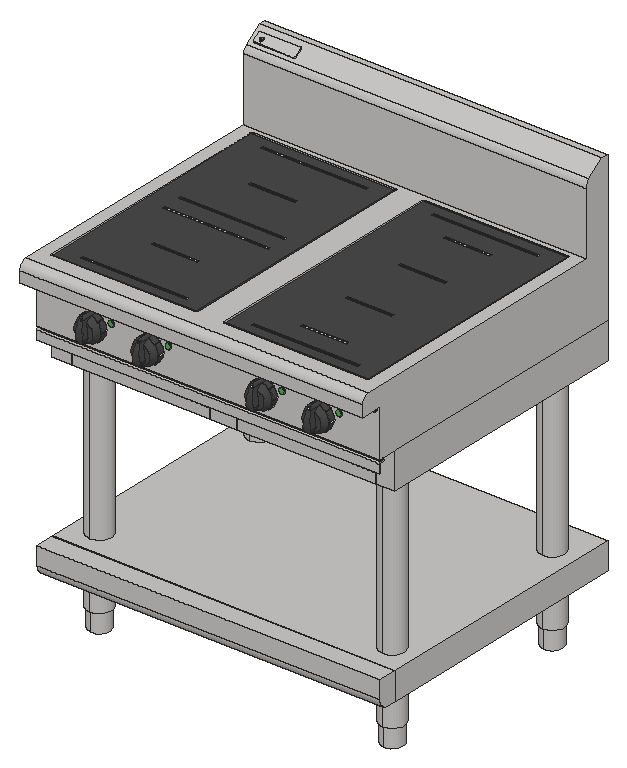
Revit family "QF_Moffat_IN8400R5F-LS_Induction Cooktop_cat", category Specialty Equipment, Revit 2019
Family settings
  Round Connector Dimension = Use Diameter
  Part Type = Normal
  Work Plane-Based = No
  Always vertical = Yes
  Cut with Voids When Loaded = No
  Shared = No
  Room Calculation Point = No
Parameters (values of type "INB8400R5F-LS_415/60/3")
  Weight in Kilograms = 105
  Watts = 20000 W
  Volts = 415 V
  URL Cutsheet = ""
  Specification by User = ""
  Specification by Manufacturer = ""
  Show Logo [instance] = yes
  Serial Number = ""
  Seismic Rating = ""
  SMACNA No = ""
  Revision Code = ""
  Phase = 3
  Number of Poles = 1
  NAFEM Spec ID Number = ""
  Model = "IN8400R5F-LS"
  Min Ckt Ampacity = 0 A
  Max Overcurrent Protection = 0 A
  Masterspec = ""
  Manufacturer = "Moffat"
  Length = 900 mm
  Item Number = ""
  Installed By = ""
  Identify Quantity as Lot = yes
  Height = 1130 mm
  HP = ""
  Furnished By = ""
  Foodservice Equipment Identifier = yes
  FL Amps = 28 A
  Electrical Remarks = ""
  Electric Connection Type = ""
  Elec Conn RI Height = 0 mm
  Elec Conn Connection Height = 0 mm
  Description = "Induction Cooktop"
  Depth = 805 mm
  Cycle = 60 Hz
  Conn Plug = ""
  Conn Conduit = yes
  CSI MasterFormat = ""
  Apparent Power = if(Phase = 3, Volts * FL Amps * 1.73, Volts * FL Amps)  # 20102.6 VA
Reference planes
  plane 1 "BACK": y = 0
  plane 2: z = 0
  plane 3 "LEFT": x = 0
  plane 4 "RIGHT": x = 900
  plane 5 "FRONT": y = -805
  plane 6 "TOP": z = 1130
  plane 7 "Center Y": x = 450
  plane 8 "Center X": y = -402.5
  plane 9: x = 65.5
  plane 10: x = 834.5
  plane 11: y = -30
  plane 12: z = 150
  plane 13: y = -100
  plane 14: y = -625
  plane 15: y = -70
  plane 16: z = 915
  plane 17: x = 770
Forms (mm)
  Extrusion 1, solid, material "QF_Metal_Stainless_Polished"
    sketch origin (0, 0, 560) x (0, 1, 0) y (0, 0, 1)
      loop
        line (0, 180) -> (0, 570) -> (-18.182, 570) -> (-60.863, 538.99)
        arc (-60.863, 538.99) -> (-67.584, 531.121) -> (-70, 521.058) r 22.165
        line (-70, 521.058) -> (-70, 355) -> (-784.417, 355)
        arc (-784.417, 355) -> (-798.971, 348.971) -> (-805, 334.417) r 20.583
        line (-805, 334.417) -> (-805, 305) -> (-749, 305) -> (-749, 180) -> (0, 180)
    from 0 to 900
  Extrusion 2, void
    sketch origin (0, -784.171, 915) x (0, 1, 0) y (-1, 0, 0)
      loop
        arc (699.341, -37.323) -> (697.584, -33.08) -> (693.341, -31.323) r 6
        line (693.341, -31.323) -> (45.245, -31.323)
        arc (45.245, -31.323) -> (41.002, -33.08) -> (39.245, -37.323) r 6
        line (39.245, -37.323) -> (39.245, -410.105)
        arc (39.245, -410.105) -> (41.002, -414.347) -> (45.245, -416.105) r 6
        line (45.245, -416.105) -> (693.341, -416.105)
        arc (693.341, -416.105) -> (697.584, -414.347) -> (699.341, -410.105) r 6
        line (699.341, -410.105) -> (699.341, -37.323)
      loop
        line (699.341, -862.677) -> (699.341, -489.895)
        arc (699.341, -489.895) -> (697.584, -485.653) -> (693.341, -483.895) r 6
        line (693.341, -483.895) -> (45.245, -483.895)
        arc (45.245, -483.895) -> (41.002, -485.653) -> (39.245, -489.895) r 6
        line (39.245, -489.895) -> (39.245, -862.677)
        arc (39.245, -862.677) -> (41.002, -866.92) -> (45.245, -868.677) r 6
        line (45.245, -868.677) -> (693.341, -868.677)
        arc (693.341, -868.677) -> (697.584, -866.92) -> (699.341, -862.677) r 6
    from 0 to -9.5
  Extrusion 3, solid, material "QF_Plastic_Black_Smooth"
    sketch origin (0, -784.171, 915) x (0, 1, 0) y (-1, 0, 0)
      loop
        line (695.341, -410.105) -> (695.341, -37.323)
        arc (695.341, -37.323) -> (694.755, -35.908) -> (693.341, -35.323) r 2
        line (693.341, -35.323) -> (45.245, -35.323)
        arc (45.245, -35.323) -> (43.831, -35.908) -> (43.245, -37.323) r 2
        line (43.245, -37.323) -> (43.245, -410.105)
        arc (43.245, -410.105) -> (43.831, -411.519) -> (45.245, -412.105) r 2
        line (45.245, -412.105) -> (693.341, -412.105)
        arc (693.341, -412.105) -> (694.755, -411.519) -> (695.341, -410.105) r 2
      loop
        line (667.194, -86.598) -> (661.194, -86.598) -> (661.194, -363.75) -> (667.194, -363.75) -> (667.194, -86.598)
      loop
        line (526.611, -163.924) -> (526.611, -283.924) -> (532.611, -283.924) -> (532.611, -163.924) -> (526.611, -163.924)
      loop
        line (398.444, -86.598) -> (392.444, -86.598) -> (392.444, -363.75) -> (398.444, -363.75) -> (398.444, -86.598)
      loop
        line (345.944, -86.598) -> (339.944, -86.598) -> (339.944, -363.75) -> (345.944, -363.75) -> (345.944, -86.598)
      loop
        line (206.611, -163.924) -> (206.611, -283.924) -> (212.611, -283.924) -> (212.611, -163.924) -> (206.611, -163.924)
      loop
        line (77.194, -86.598) -> (71.194, -86.598) -> (71.194, -363.75) -> (77.194, -363.75) -> (77.194, -86.598)
      loop
        arc (695.341, -489.895) -> (694.755, -488.481) -> (693.341, -487.895) r 2
        line (693.341, -487.895) -> (45.245, -487.895)
        arc (45.245, -487.895) -> (43.831, -488.481) -> (43.245, -489.895) r 2
        line (43.245, -489.895) -> (43.245, -862.677)
        arc (43.245, -862.677) -> (43.831, -864.092) -> (45.245, -864.677) r 2
        line (45.245, -864.677) -> (693.341, -864.677)
        arc (693.341, -864.677) -> (694.755, -864.092) -> (695.341, -862.677) r 2
        line (695.341, -862.677) -> (695.341, -489.895)
      loop
        line (667.194, -813.402) -> (667.194, -536.25) -> (661.194, -536.25) -> (661.194, -813.402) -> (667.194, -813.402)
      loop
        line (601.611, -736.076) -> (607.611, -736.076) -> (607.611, -616.076) -> (601.611, -616.076) -> (601.611, -736.076)
      loop
        line (279.111, -736.076) -> (285.111, -736.076) -> (285.111, -616.076) -> (279.111, -616.076) -> (279.111, -736.076)
      loop
        line (77.194, -813.402) -> (77.194, -536.25) -> (71.194, -536.25) -> (71.194, -813.402) -> (77.194, -813.402)
      loop
        line (454.501, -736.076) -> (460.501, -736.076) -> (460.501, -616.076) -> (454.501, -616.076) -> (454.501, -736.076)
      loop
        line (131.211, -736.076) -> (137.211, -736.076) -> (137.211, -616.076) -> (131.211, -616.076) -> (131.211, -736.076)
    from 0 to -9.5
  Extrusion 4, solid, material "QF_Metal_Stainless_Polished"
    sketch origin (0, 0, 600) x (0, 1, 0) y (0, 0, 1)
      loop
        line (-739.467, 140) -> (-738.192, 134.838)
        arc (-738.192, 134.838) -> (-738.307, 134.302) -> (-738.799, 134.063) r 0.625
        line (-738.799, 134.063) -> (-746.111, 134.063)
        arc (-746.111, 134.063) -> (-748.011, 133.276) -> (-748.797, 131.377) r 2.686
        line (-748.797, 131.377) -> (-748.797, 107.627) -> (-747.197, 107.627) -> (-747.197, 131.242)
        arc (-747.197, 131.242) -> (-746.84, 132.105) -> (-745.976, 132.463) r 1.221
        line (-745.976, 132.463) -> (-738.755, 132.463)
        arc (-738.755, 132.463) -> (-737.028, 133.304) -> (-736.625, 135.182) r 2.194
        line (-736.625, 135.182) -> (-737.815, 140) -> (-739.467, 140)
    from 0 to 900
  Extrusion 5, solid, material "QF_Plastic_Black_Smooth"
    sketch origin (0, -749, 741.875) x (0, 0, 1) y (-1, 0, 0)
      loop
        circle (112.843, -13.157) r 5
      loop
        circle (112.843, -886.843) r 5
    from 0 to 1.6
  Extrusion 6, solid, material "QF_Metal_Stainless_Polished"
    sketch origin (450, -699, 645) x (0, 1, 0) y (1, 0, 0)
      loop
        circle (669, 320) r 6.35
    from 0 to 10
  Extrusion 7, solid, material "QF_Metal_Stainless_Polished"
    sketch origin (0, -699, 645) x (1, 0, 0) y (0, -1, 0)
      loop
        line (0, -699) -> (900, -699) -> (900, 0) -> (849.2, 0) -> (849.2, -25.4) -> (485.8, -25.4) -> (485.8, 0) -> (414.2, 0) -> (414.2, -25.4) -> (50.8, -25.4) -> (50.8, 0) -> (0, 0) -> (0, -699)
    from 0 to -95
  Extrusion 8, solid, material "QF_Metal_Stainless_Polished"
    sketch origin (50.8, -30, 645) x (0, 1, 0) y (0, 0, 1)
      loop
        line (-669, 0) -> (-643.6, 0) -> (-643.6, 26.45) -> (-669, 26.45) -> (-669, 0)
      loop
        line (-669, 32.45) -> (-643.6, 32.45) -> (-643.6, 66.4) -> (-669, 66.4) -> (-669, 32.45)
      loop
        line (-669, 67.4) -> (-643.6, 67.4) -> (-643.6, 95) -> (-669, 95) -> (-669, 67.4)
    from 0 to 363.4
  Extrusion 9, solid, material "QF_Metal_Stainless_Polished"
    sketch origin (900, 0, 560) x (-1, 0, 0) y (0, -1, 0)
      loop
        line (536.25, 122.976) -> (536.25, 116.976) -> (813.402, 116.976) -> (813.402, 122.976) -> (536.25, 122.976)
      loop
        line (736.076, 251.56) -> (736.076, 257.56) -> (616.076, 257.56) -> (616.076, 251.56) -> (736.076, 251.56)
      loop
        line (813.402, 385.726) -> (813.402, 391.726) -> (536.25, 391.726) -> (536.25, 385.726) -> (813.402, 385.726)
      loop
        line (813.402, 438.226) -> (813.402, 444.226) -> (536.25, 444.226) -> (536.25, 438.226) -> (813.402, 438.226)
      loop
        line (736.076, 571.56) -> (736.076, 577.56) -> (616.076, 577.56) -> (616.076, 571.56) -> (736.076, 571.56)
      loop
        line (536.25, 712.976) -> (536.25, 706.976) -> (813.402, 706.976) -> (813.402, 712.976) -> (536.25, 712.976)
      loop
        line (86.598, 712.976) -> (86.598, 706.976) -> (363.75, 706.976) -> (363.75, 712.976) -> (86.598, 712.976)
      loop
        line (163.924, 652.959) -> (163.924, 646.959) -> (283.924, 646.959) -> (283.924, 652.959) -> (163.924, 652.959)
      loop
        line (163.924, 505.06) -> (163.924, 499.06) -> (283.924, 499.06) -> (283.924, 505.06) -> (163.924, 505.06)
      loop
        line (163.924, 329.669) -> (163.924, 323.669) -> (283.924, 323.669) -> (283.924, 329.669) -> (163.924, 329.669)
      loop
        line (163.924, 182.56) -> (163.924, 176.56) -> (283.924, 176.56) -> (283.924, 182.56) -> (163.924, 182.56)
      loop
        line (86.598, 122.976) -> (86.598, 116.976) -> (363.75, 116.976) -> (363.75, 122.976) -> (86.598, 122.976)
    from 355 to 345.5
  Extrusion 10, solid, material "QF_Paint_Green"
    sketch origin (63.231, -748.999, 713.75) x (0, 0, 1) y (-1, 0, 0)
      loop
        circle (100.3, -282.5) r 7.15
    from 0 to 1.6
  Extrusion 11, solid, material "QF_Plastic_Black_Smooth"
    sketch origin (75, -748.999, 725.625) x (0, 0, 1) y (-1, 0, 0)
      loop
        circle (112.843, -225) r 5
    from 0 to 1.6
  Extrusion 12, solid, material "QF_Paint_Green"
    sketch origin (-86.769, -748.999, 713.75) x (0, 0, 1) y (-1, 0, 0)
      loop
        circle (100.3, -282.5) r 7.15
    from 0 to 1.6
  Extrusion 13, solid, material "QF_Plastic_Black_Smooth"
    sketch origin (-75, -748.999, 725.625) x (0, 0, 1) y (-1, 0, 0)
      loop
        circle (112.843, -225) r 5
    from 0 to 1.6
  Extrusion 14, solid, material "QF_Paint_Green"
    sketch origin (511.981, -748.999, 713.75) x (0, 0, 1) y (-1, 0, 0)
      loop
        circle (100.3, -282.5) r 7.15
    from 0 to 1.6
  Extrusion 15, solid, material "QF_Plastic_Black_Smooth"
    sketch origin (523.75, -748.999, 725.625) x (0, 0, 1) y (-1, 0, 0)
      loop
        circle (112.843, -225) r 5
    from 0 to 1.6
  Extrusion 16, solid, material "QF_Paint_Green"
    sketch origin (361.981, -748.999, 713.75) x (0, 0, 1) y (-1, 0, 0)
      loop
        circle (100.3, -282.5) r 7.15
    from 0 to 1.6
  Extrusion 17, solid, material "QF_Plastic_Black_Smooth"
    sketch origin (373.75, -748.999, 725.625) x (0, 0, 1) y (-1, 0, 0)
      loop
        circle (112.843, -225) r 5
    from 0 to 1.6
  Extrusion 18, solid, material "QF_Metal_Stainless_Polished"
    sketch origin (849.2, -30, 645) x (0, 1, 0) y (0, 0, -1)
      loop
        line (-669, 0) -> (-669, -26.45) -> (-643.6, -26.45) -> (-643.6, 0) -> (-669, 0)
      loop
        line (-669, -32.45) -> (-669, -66.4) -> (-643.6, -66.4) -> (-643.6, -32.45) -> (-669, -32.45)
      loop
        line (-669, -67.4) -> (-669, -95) -> (-643.6, -95) -> (-643.6, -67.4) -> (-669, -67.4)
    from 0 to 363.4
Cuts and joins
  Extrusion 2 cuts Extrusion 1
Lines and regions (mm)
  symbolic lines
    curve 1: line (0, 0, 0) -> (900, 0, 0)
    curve 2: line (0, -805, 0) -> (0, 0, 0)
    curve 3: line (900, -805, 0) -> (0, -805, 0)
    curve 4: line (900, 0, 0) -> (900, -805, 0)
    curve 5: line (0, -18.182, 0) -> (900, -18.182, 0)
    curve 6: line (0, -70, 0) -> (450, -70, 0)
    curve 7: line (37.323, -84.83, 0) -> (410.105, -84.83, 0)
    curve 8: arc (410.105, -84.83, 0) -> (414.347, -86.587, 0) -> (416.105, -90.83, 0) r 6
    curve 9: line (416.105, -90.83, 0) -> (416.105, -738.926, 0)
    curve 10: arc (416.105, -738.926, 0) -> (414.347, -743.168, 0) -> (410.105, -744.926, 0) r 6
    curve 11: line (410.105, -744.926, 0) -> (37.323, -744.926, 0)
    curve 12: arc (37.323, -744.926, 0) -> (33.08, -743.168, 0) -> (31.323, -738.926, 0) r 6
    curve 13: line (31.323, -738.926, 0) -> (31.323, -90.83, 0)
    curve 14: arc (31.323, -90.83, 0) -> (33.08, -86.587, 0) -> (37.323, -84.83, 0) r 6
    curve 15: line (410.105, -88.83, 0) -> (37.323, -88.83, 0)
    curve 16: arc (37.323, -88.83, 0) -> (35.908, -89.415, 0) -> (35.323, -90.83, 0) r 2
    curve 17: line (35.323, -90.83, 0) -> (35.323, -738.926, 0)
    curve 18: arc (35.323, -738.926, 0) -> (35.908, -740.34, 0) -> (37.323, -740.926, 0) r 2
    curve 19: line (37.323, -740.926, 0) -> (410.105, -740.926, 0)
    curve 20: arc (410.105, -740.926, 0) -> (411.519, -740.34, 0) -> (412.105, -738.926, 0) r 2
    curve 21: line (412.105, -738.926, 0) -> (412.105, -90.83, 0)
    curve 22: arc (412.105, -90.83, 0) -> (411.519, -89.415, 0) -> (410.105, -88.83, 0) r 2
    curve 23: line (416.105, -738.926, 0) -> (416.105, -90.83, 0)
    curve 24: line (412.105, -90.83, 0) -> (412.105, -738.926, 0)
    curve 25: line (862.677, -84.83, 0) -> (489.895, -84.83, 0)
    curve 26: arc (489.895, -84.83, 0) -> (485.653, -86.587, 0) -> (483.895, -90.83, 0) r 6
    curve 27: arc (483.895, -738.926, 0) -> (485.653, -743.168, 0) -> (489.895, -744.926, 0) r 6
    curve 28: line (489.895, -744.926, 0) -> (862.677, -744.926, 0)
    curve 29: arc (862.677, -744.926, 0) -> (866.92, -743.168, 0) -> (868.677, -738.926, 0) r 6
    curve 30: line (868.677, -738.926, 0) -> (868.677, -90.83, 0)
    curve 31: arc (868.677, -90.83, 0) -> (866.92, -86.587, 0) -> (862.677, -84.83, 0) r 6
    curve 32: line (489.895, -88.83, 0) -> (862.677, -88.83, 0)
    curve 33: arc (862.677, -88.83, 0) -> (864.092, -89.415, 0) -> (864.677, -90.83, 0) r 2
    curve 34: line (864.677, -90.83, 0) -> (864.677, -738.926, 0)
    curve 35: arc (864.677, -738.926, 0) -> (864.092, -740.34, 0) -> (862.677, -740.926, 0) r 2
    curve 36: line (862.677, -740.926, 0) -> (489.895, -740.926, 0)
    curve 37: arc (489.895, -740.926, 0) -> (488.481, -740.34, 0) -> (487.895, -738.926, 0) r 2
    curve 38: arc (487.895, -90.83, 0) -> (488.481, -89.415, 0) -> (489.895, -88.83, 0) r 2
    curve 39: line (487.895, -90.83, 0) -> (487.895, -738.926, 0)
    curve 40: arc (487.895, -738.926, 0) -> (488.481, -740.34, 0) -> (489.895, -740.926, 0) r 2
    curve 41: line (489.895, -740.926, 0) -> (862.677, -740.926, 0)
    curve 42: arc (862.677, -740.926, 0) -> (864.092, -740.34, 0) -> (864.677, -738.926, 0) r 2
    curve 43: line (864.677, -738.926, 0) -> (864.677, -90.83, 0)
    curve 44: arc (864.677, -90.83, 0) -> (864.092, -89.415, 0) -> (862.677, -88.83, 0) r 2
    curve 45: line (862.677, -88.83, 0) -> (489.895, -88.83, 0)
    curve 46: arc (489.895, -88.83, 0) -> (488.481, -89.415, 0) -> (487.895, -90.83, 0) r 2
    curve 47: line (483.895, -90.83, 0) -> (483.895, -738.926, 0)
    curve 48: arc (483.895, -738.926, 0) -> (485.653, -743.168, 0) -> (489.895, -744.926, 0) r 6
    curve 49: line (489.895, -744.926, 0) -> (862.677, -744.926, 0)
    curve 50: arc (862.677, -744.926, 0) -> (866.92, -743.168, 0) -> (868.677, -738.926, 0) r 6
    curve 51: line (868.677, -738.926, 0) -> (868.677, -90.83, 0)
    curve 52: arc (868.677, -90.83, 0) -> (866.92, -86.587, 0) -> (862.677, -84.83, 0) r 6
    curve 53: line (862.677, -84.83, 0) -> (489.895, -84.83, 0)
    curve 54: arc (489.895, -84.83, 0) -> (485.653, -86.587, 0) -> (483.895, -90.83, 0) r 6
    curve 55: line (86.598, -122.976, 0) -> (363.75, -122.976, 0)
    curve 56: line (363.75, -122.976, 0) -> (363.75, -116.976, 0)
    curve 57: line (363.75, -116.976, 0) -> (86.598, -116.976, 0)
    curve 58: line (86.598, -116.976, 0) -> (86.598, -122.976, 0)
    curve 59: line (283.924, -251.56, 0) -> (163.924, -251.56, 0)
    curve 60: line (163.924, -251.56, 0) -> (163.924, -257.56, 0)
    curve 61: line (163.924, -257.56, 0) -> (283.924, -257.56, 0)
    curve 62: line (283.924, -257.56, 0) -> (283.924, -251.56, 0)
    curve 63: line (536.25, -122.976, 0) -> (813.402, -122.976, 0)
    curve 64: line (813.402, -122.976, 0) -> (813.402, -116.976, 0)
    curve 65: line (813.402, -116.976, 0) -> (536.25, -116.976, 0)
    curve 66: line (536.25, -116.976, 0) -> (536.25, -122.976, 0)
    curve 67: line (736.076, -176.56, 0) -> (616.076, -176.56, 0)
    curve 68: line (616.076, -176.56, 0) -> (616.076, -182.56, 0)
    curve 69: line (616.076, -182.56, 0) -> (736.076, -182.56, 0)
    curve 70: line (736.076, -182.56, 0) -> (736.076, -176.56, 0)
    curve 71: line (736.076, -323.669, 0) -> (616.076, -323.669, 0)
    curve 72: line (616.076, -323.669, 0) -> (616.076, -329.669, 0)
    curve 73: line (616.076, -329.669, 0) -> (736.076, -329.669, 0)
    curve 74: line (736.076, -329.669, 0) -> (736.076, -323.669, 0)
    curve 75: line (736.076, -499.06, 0) -> (616.076, -499.06, 0)
    curve 76: line (616.076, -499.06, 0) -> (616.076, -505.06, 0)
    curve 77: line (616.076, -505.06, 0) -> (736.076, -505.06, 0)
    curve 78: line (736.076, -505.06, 0) -> (736.076, -499.06, 0)
    curve 79: line (736.076, -646.959, 0) -> (616.076, -646.959, 0)
    curve 80: line (616.076, -646.959, 0) -> (616.076, -652.959, 0)
    curve 81: line (616.076, -652.959, 0) -> (736.076, -652.959, 0)
    curve 82: line (736.076, -652.959, 0) -> (736.076, -646.959, 0)
    curve 83: line (813.402, -706.976, 0) -> (536.25, -706.976, 0)
    curve 84: line (536.25, -706.976, 0) -> (536.25, -712.976, 0)
    curve 85: line (536.25, -712.976, 0) -> (813.402, -712.976, 0)
    curve 86: line (813.402, -712.976, 0) -> (813.402, -706.976, 0)
    curve 87: line (86.598, -712.976, 0) -> (363.75, -712.976, 0)
    curve 88: line (363.75, -712.976, 0) -> (363.75, -706.976, 0)
    curve 89: line (363.75, -706.976, 0) -> (86.598, -706.976, 0)
    curve 90: line (86.598, -706.976, 0) -> (86.598, -712.976, 0)
    curve 91: line (283.924, -577.56, 0) -> (163.924, -577.56, 0)
    curve 92: line (163.924, -577.56, 0) -> (163.924, -571.56, 0)
    curve 93: line (163.924, -571.56, 0) -> (283.924, -571.56, 0)
    curve 94: line (283.924, -571.56, 0) -> (283.924, -577.56, 0)
    curve 95: line (86.598, -444.226, 0) -> (363.75, -444.226, 0)
    curve 96: line (363.75, -444.226, 0) -> (363.75, -438.226, 0)
    curve 97: line (363.75, -438.226, 0) -> (86.598, -438.226, 0)
    curve 98: line (86.598, -438.226, 0) -> (86.598, -444.226, 0)
    curve 99: line (86.598, -391.726, 0) -> (363.75, -391.726, 0)
    curve 100: line (363.75, -391.726, 0) -> (363.75, -385.726, 0)
    curve 101: line (363.75, -385.726, 0) -> (86.598, -385.726, 0)
    curve 102: line (86.598, -385.726, 0) -> (86.598, -391.726, 0)
    curve 103: line (0, 0, 560) -> (900, 0, 560)
    curve 104: line (0, -805, 560) -> (0, 0, 560)
    curve 105: line (900, -805, 560) -> (0, -805, 560)
    curve 106: line (900, 0, 560) -> (900, -805, 560)
    curve 107: line (0, -18.182, 560) -> (900, -18.182, 560)
    curve 108: line (0, -70, 560) -> (900, -70, 560)
    curve 109: line (416.105, -90.83, 560) -> (416.105, -738.926, 560)
    curve 110: line (412.105, -738.926, 560) -> (412.105, -90.83, 560)
    curve 111: line (416.105, -738.926, 560) -> (416.105, -90.83, 560)
    curve 112: line (412.105, -90.83, 560) -> (412.105, -738.926, 560)
    curve 113: line (862.677, -84.83, 560) -> (489.895, -84.83, 560)
    curve 114: arc (483.895, -738.926, 560) -> (485.653, -743.168, 560) -> (489.895, -744.926, 560) r 6
    curve 115: line (489.895, -744.926, 560) -> (862.677, -744.926, 560)
    curve 116: arc (862.677, -744.926, 560) -> (866.92, -743.168, 560) -> (868.677, -738.926, 560) r 6
    curve 117: arc (864.677, -738.926, 560) -> (864.092, -740.34, 560) -> (862.677, -740.926, 560) r 2
    curve 118: line (862.677, -740.926, 560) -> (489.895, -740.926, 560)
    curve 119: arc (489.895, -740.926, 560) -> (488.481, -740.34, 560) -> (487.895, -738.926, 560) r 2
    curve 120: arc (487.895, -738.926, 560) -> (488.481, -740.34, 560) -> (489.895, -740.926, 560) r 2
    curve 121: line (489.895, -740.926, 560) -> (862.677, -740.926, 560)
    curve 122: arc (862.677, -740.926, 560) -> (864.092, -740.34, 560) -> (864.677, -738.926, 560) r 2
    curve 123: arc (483.895, -738.926, 560) -> (485.653, -743.168, 560) -> (489.895, -744.926, 560) r 6
    curve 124: line (489.895, -744.926, 560) -> (862.677, -744.926, 560)
    curve 125: arc (862.677, -744.926, 560) -> (866.92, -743.168, 560) -> (868.677, -738.926, 560) r 6
    curve 126: line (86.598, -122.976, 560) -> (363.75, -122.976, 560)
    curve 127: line (363.75, -122.976, 560) -> (363.75, -116.976, 560)
    curve 128: line (363.75, -116.976, 560) -> (86.598, -116.976, 560)
    curve 129: line (86.598, -116.976, 560) -> (86.598, -122.976, 560)
    curve 130: line (283.924, -251.56, 560) -> (163.924, -251.56, 560)
    curve 131: line (163.924, -251.56, 560) -> (163.924, -257.56, 560)
    curve 132: line (163.924, -257.56, 560) -> (283.924, -257.56, 560)
    curve 133: line (283.924, -257.56, 560) -> (283.924, -251.56, 560)
    curve 134: line (536.25, -122.976, 560) -> (813.402, -122.976, 560)
    curve 135: line (813.402, -122.976, 560) -> (813.402, -116.976, 560)
    curve 136: line (813.402, -116.976, 560) -> (536.25, -116.976, 560)
    curve 137: line (536.25, -116.976, 560) -> (536.25, -122.976, 560)
    curve 138: line (736.076, -176.56, 560) -> (616.076, -176.56, 560)
    curve 139: line (616.076, -176.56, 560) -> (616.076, -182.56, 560)
    curve 140: line (616.076, -182.56, 560) -> (736.076, -182.56, 560)
    curve 141: line (736.076, -182.56, 560) -> (736.076, -176.56, 560)
    curve 142: line (736.076, -323.669, 560) -> (616.076, -323.669, 560)
    curve 143: line (616.076, -323.669, 560) -> (616.076, -329.669, 560)
    curve 144: line (616.076, -329.669, 560) -> (736.076, -329.669, 560)
    curve 145: line (736.076, -329.669, 560) -> (736.076, -323.669, 560)
    curve 146: line (736.076, -499.06, 560) -> (616.076, -499.06, 560)
    curve 147: line (616.076, -499.06, 560) -> (616.076, -505.06, 560)
    curve 148: line (616.076, -505.06, 560) -> (736.076, -505.06, 560)
    curve 149: line (736.076, -505.06, 560) -> (736.076, -499.06, 560)
    curve 150: line (736.076, -646.959, 560) -> (616.076, -646.959, 560)
    curve 151: line (616.076, -646.959, 560) -> (616.076, -652.959, 560)
    curve 152: line (616.076, -652.959, 560) -> (736.076, -652.959, 560)
    curve 153: line (736.076, -652.959, 560) -> (736.076, -646.959, 560)
    curve 154: line (813.402, -706.976, 560) -> (536.25, -706.976, 560)
    curve 155: line (536.25, -706.976, 560) -> (536.25, -712.976, 560)
    curve 156: line (536.25, -712.976, 560) -> (813.402, -712.976, 560)
    curve 157: line (813.402, -712.976, 560) -> (813.402, -706.976, 560)
    curve 158: line (86.598, -712.976, 560) -> (363.75, -712.976, 560)
    curve 159: line (363.75, -712.976, 560) -> (363.75, -706.976, 560)
    curve 160: line (363.75, -706.976, 560) -> (86.598, -706.976, 560)
    curve 161: line (86.598, -706.976, 560) -> (86.598, -712.976, 560)
    curve 162: line (283.924, -577.56, 560) -> (163.924, -577.56, 560)
    curve 163: line (163.924, -577.56, 560) -> (163.924, -571.56, 560)
    curve 164: line (163.924, -571.56, 560) -> (283.924, -571.56, 560)
    curve 165: line (283.924, -571.56, 560) -> (283.924, -577.56, 560)
    curve 166: line (86.598, -444.226, 560) -> (363.75, -444.226, 560)
    curve 167: line (363.75, -444.226, 560) -> (363.75, -438.226, 560)
    curve 168: line (363.75, -438.226, 560) -> (86.598, -438.226, 560)
    curve 169: line (86.598, -438.226, 560) -> (86.598, -444.226, 560)
    curve 170: line (86.598, -391.726, 560) -> (363.75, -391.726, 560)
    curve 171: line (363.75, -391.726, 560) -> (363.75, -385.726, 560)
    curve 172: line (363.75, -385.726, 560) -> (86.598, -385.726, 560)
    curve 173: line (86.598, -385.726, 560) -> (86.598, -391.726, 560)
Dimensions and locks
  equal spacing: plane 3 "LEFT", plane 7 "Center Y", plane 4 "RIGHT"
  "Length": plane 3 "LEFT" to plane 4 "RIGHT"
  equal spacing: plane 5 "FRONT", plane 8 "Center X", plane 1 "BACK"
  "Depth": plane 5 "FRONT" to plane 1 "BACK"
  "Height": plane 6 "TOP" to level
  plane 9 to plane 10 = 769 mm
  plane 4 "RIGHT" to plane 3 "LEFT" = 900 mm
  plane 6 "TOP" to plane 2 = 1130 mm
  plane 1 "BACK" to plane 11 = 30 mm
  plane 1 "BACK" to plane 13 to plane 14 = 100 mm, 525 mm
  plane 1 "BACK" to plane 15 = 70 mm
  plane 16 to level = 915 mm  (x2)
  level to plane 12 = 150 mm
  plane 12 to level = 150 mm
  plane 4 "RIGHT" to plane 17 = 130 mm
  plane 1 "BACK" to plane 5 "FRONT" = 805 mm
  locked: plane 10 to plane 4 "RIGHT" at 65.5
  aligned and locked: level to plane 2
  aligned and locked: plane 7 "Center Y" to nested 1
  aligned and locked: plane 8 "Center X" to nested 1
  aligned and locked: Extrusion 18 to Extrusion 7  (x2)
Automatic sketch dimensions
  curve 8 to curve 22 = 0 mm  (x2)
  curve 10 to curve 20 = 0 mm  (x2)
  curve 12 to curve 18 = 0 mm  (x2)
  curve 14 to curve 16 = 0 mm  (x2)
  curve 26 to curve 38 = 0 mm  (x2)
  curve 26 to curve 46 = 0 mm  (x2)
  curve 26 to curve 54 = 0 mm  (x2)
  curve 27 to curve 37 = 0 mm  (x2)
  curve 27 to curve 40 = 0 mm  (x2)
  curve 27 to curve 48 = 0 mm  (x2)
  curve 29 to curve 35 = 0 mm  (x2)
  curve 29 to curve 42 = 0 mm  (x2)
  curve 29 to curve 50 = 0 mm  (x2)
  curve 31 to curve 33 = 0 mm  (x2)
  curve 31 to curve 44 = 0 mm  (x2)
  curve 31 to curve 52 = 0 mm  (x2)
  curve 33 to curve 44 = 0 mm  (x2)
  curve 33 to curve 52 = 0 mm  (x2)
  curve 35 to curve 42 = 0 mm  (x2)
  curve 35 to curve 50 = 0 mm  (x2)
  curve 37 to curve 40 = 0 mm  (x2)
  curve 37 to curve 48 = 0 mm  (x2)
  curve 38 to curve 46 = 0 mm  (x2)
  curve 38 to curve 54 = 0 mm  (x2)
  curve 40 to curve 48 = 0 mm  (x2)
  curve 42 to curve 50 = 0 mm  (x2)
  curve 44 to curve 52 = 0 mm  (x2)
  curve 46 to curve 54 = 0 mm  (x2)
  plane 1 "BACK" to curve 1 = 0 mm
  curve 1 to plane 3 "LEFT" = 0 mm
  curve 6 to plane 7 "Center Y" = 0 mm
  curve 5 to plane 4 "RIGHT" = 0 mm
  plane 5 "FRONT" to curve 3 = 0 mm
  plane 15 to curve 6 = 0 mm
  plane 3 "LEFT" to curve 13 = 31.323 mm
  curve 13 to curve 17 = 4 mm
  curve 17 to curve 16 = 2 mm
  curve 17 to curve 18 = 2 mm
  curve 102 to plane 9 = 21.098 mm
  curve 57 to plane 9 = 21.098 mm
  curve 87 to plane 9 = 21.098 mm
  curve 95 to plane 9 = 21.098 mm
  curve 91 to plane 14 = 47.44 mm
  curve 91 to plane 9 = 98.424 mm
  curve 60 to plane 9 = 98.424 mm
  curve 60 to curve 61 = 120 mm
  curve 93 to plane 14 = 53.44 mm
  curve 92 to curve 93 = 120 mm
  curve 96 to plane 8 "Center X" = 41.726 mm
  curve 96 to plane 7 "Center Y" = 86.25 mm
  plane 8 "Center X" to curve 99 = 10.774 mm
  curve 99 to curve 96 = 0 mm
  plane 13 to curve 56 = 16.976 mm
  curve 56 to plane 7 "Center Y" = 86.25 mm
  curve 89 to plane 7 "Center Y" = 86.25 mm
  curve 8 to plane 13 = 9.17 mm
  curve 8 to plane 7 "Center Y" = 39.895 mm
  curve 10 to plane 7 "Center Y" = 39.895 mm
  curve 8 to curve 21 = 2 mm
  plane 7 "Center Y" to curve 47 = 33.895 mm
  curve 27 to curve 39 = 4 mm
  curve 38 to curve 46 = 2 mm
  curve 37 to curve 36 = 2 mm
  plane 13 to curve 66 = 22.976 mm
  curve 26 to curve 66 = 46.355 mm
  curve 27 to curve 85 = 46.355 mm
  curve 63 to curve 67 = 79.826 mm
  curve 77 to plane 17 = 153.924 mm
  plane 14 to curve 80 = 21.959 mm
  curve 83 to curve 80 = 79.826 mm
  plane 8 "Center X" to curve 73 = 72.831 mm
  curve 73 to curve 68 = 0 mm
  curve 77 to plane 17 = 33.924 mm
  curve 67 to plane 17 = 33.924 mm
  curve 71 to plane 17 = 33.924 mm
  curve 79 to plane 17 = 33.924 mm
  plane 10 to curve 63 = 21.098 mm
  plane 10 to curve 85 = 21.098 mm
  curve 42 to plane 10 = 28.177 mm
  curve 32 to plane 13 = 11.17 mm
  curve 32 to plane 10 = 28.177 mm
  curve 31 to curve 34 = 2 mm
  curve 49 to plane 5 "FRONT" = 60.074 mm
  curve 11 to plane 5 "FRONT" = 60.074 mm
  curve 27 to curve 84 = 25.949 mm
  curve 10 to curve 87 = 25.949 mm
  curve 85 to curve 83 = 6 mm
  curve 87 to curve 90 = 6 mm
  curve 81 to curve 79 = 6 mm
  curve 78 to plane 8 "Center X" = 102.56 mm
  curve 77 to curve 75 = 6 mm
  curve 95 to curve 98 = 6 mm
  curve 99 to curve 100 = 6 mm
  curve 73 to curve 74 = 6 mm
  plane 8 "Center X" to curve 62 = 144.94 mm
  curve 61 to curve 62 = 6 mm
  plane 13 to curve 70 = 82.56 mm
  curve 68 to curve 68 = 6 mm
  curve 58 to curve 57 = 6 mm
  curve 63 to curve 65 = 6 mm
  curve 5 to plane 11 = 11.818 mm
  Extrusion 1 sketch curve to plane 5 "FRONT" = 0 mm
  Extrusion 1 sketch curve to plane 16 = 0 mm
  Extrusion 1 sketch curve to plane 15 = 0 mm
  Extrusion 1 sketch curve to plane 6 "TOP" = 0 mm
  Extrusion 1 sketch curve to plane 1 "BACK" = 0 mm
  Extrusion 1 sketch curve to plane 5 "FRONT" = 20.583 mm
  Extrusion 1 sketch curve to plane 5 "FRONT" = 56 mm
  Extrusion 1 sketch curve to plane 15 = 9.137 mm
  plane 11 to Extrusion 1 sketch curve = 17.835 mm
  Extrusion 1 sketch curve to plane 11 = 11.818 mm
  Extrusion 1 sketch curve to Extrusion 1 sketch curve = 29.417 mm
  Extrusion 1 sketch curve to plane 16 = 175 mm
  Extrusion 1 sketch curve to plane 6 "TOP" = 48.942 mm
  Extrusion 2 sketch curve to Extrusion 1 = 39.492 mm  (x2)
  Extrusion 2 sketch curve to Extrusion 2 sketch curve = 6 mm  (x6)
  Extrusion 1 to Extrusion 2 sketch curve = 20.83 mm  (x4)
  Extrusion 1 to Extrusion 2 sketch curve = 31.323 mm
  Extrusion 2 sketch curve to Extrusion 2 sketch curve = 372.782 mm
  Extrusion 2 sketch curve to Extrusion 2 sketch curve = 67.791 mm
  Extrusion 1 to Extrusion 2 sketch curve = 37.323 mm
  Extrusion 3 sketch curve to Extrusion 1 = 43.492 mm  (x2)
  Extrusion 3 sketch curve to Extrusion 3 sketch curve = 2 mm  (x6)
  Extrusion 3 sketch curve to Extrusion 3 sketch curve = 25.949 mm  (x2)
  Extrusion 3 sketch curve to Extrusion 3 sketch curve = 6 mm  (x12)
  Extrusion 3 sketch curve to Extrusion 3 sketch curve = 54.017 mm
  Extrusion 3 sketch curve to Extrusion 3 sketch curve = 129.416 mm
  Extrusion 3 sketch curve to Extrusion 3 sketch curve = 141.899 mm
  Extrusion 3 sketch curve to Extrusion 3 sketch curve = 127.334 mm
  Extrusion 3 sketch curve to Extrusion 3 sketch curve = 46.5 mm
  Extrusion 3 sketch curve to Extrusion 3 sketch curve = 169.391 mm
  Extrusion 3 sketch curve to Extrusion 3 sketch curve = 128.166 mm
  Extrusion 1 to Extrusion 3 sketch curve = 112.56 mm
  Extrusion 1 to Extrusion 3 sketch curve = 52.976 mm  (x2)
  Extrusion 1 to Extrusion 3 sketch curve = 20.83 mm  (x4)
  Extrusion 1 to Extrusion 3 sketch curve = 35.323 mm
  Extrusion 3 sketch curve to Extrusion 3 sketch curve = 49.275 mm  (x2)
  Extrusion 3 sketch curve to Extrusion 3 sketch curve = 77.326 mm  (x2)
  Extrusion 1 to Extrusion 3 sketch curve = 163.924 mm
  Extrusion 3 sketch curve to Extrusion 3 sketch curve = 0 mm  (x3)
  Extrusion 3 sketch curve to Extrusion 3 sketch curve = 120 mm  (x6)
  Extrusion 3 sketch curve to Extrusion 3 sketch curve = 79.826 mm  (x4)
  Extrusion 3 sketch curve to Extrusion 3 sketch curve = 46.355 mm  (x3)
  Extrusion 3 sketch curve to Extrusion 3 sketch curve = 75.791 mm
  Extrusion 3 sketch curve to Extrusion 3 sketch curve = 252.326 mm
  Extrusion 1 to Extrusion 3 sketch curve = 86.598 mm  (x3)
  Extrusion 1 to Extrusion 3 sketch curve = 37.323 mm
  Extrusion 4 sketch curve to plane 5 "FRONT" = 56.203 mm
  Extrusion 4 sketch curve to Extrusion 4 sketch curve = 1.6 mm
  Extrusion 4 sketch curve to Extrusion 4 sketch curve = 1.086 mm
  Extrusion 4 sketch curve to Extrusion 4 sketch curve = 0.135 mm  (x2)
  Extrusion 4 sketch curve to Extrusion 4 sketch curve = 6.644 mm
  Extrusion 4 sketch curve to Extrusion 4 sketch curve = 0.668 mm
  Extrusion 4 sketch curve to Extrusion 4 sketch curve = 0.044 mm
  Extrusion 4 sketch curve to Extrusion 4 sketch curve = 0.563 mm
  Extrusion 4 sketch curve to Extrusion 4 sketch curve = 1.652 mm
  Extrusion 4 sketch curve to Extrusion 4 sketch curve = 1.567 mm
  Extrusion 4 sketch curve to plane 16 = 207.373 mm
  Extrusion 4 sketch curve to Extrusion 4 sketch curve = 23.614 mm
  Extrusion 4 sketch curve to Extrusion 4 sketch curve = 0.594 mm
  Extrusion 4 sketch curve to Extrusion 4 sketch curve = 0.032 mm
  Extrusion 4 sketch curve to Extrusion 4 sketch curve = 5.162 mm
  Extrusion 1 to Extrusion 5 sketch curve = 10.282 mm  (x2)
  Extrusion 1 to Extrusion 5 sketch curve = 13.157 mm  (x2)
  Extrusion 7 to Extrusion 6 sketch curve = 30 mm
  Extrusion 6 sketch curve to Extrusion 7 = 79.2 mm
  Extrusion 7 sketch curve to plane 3 "LEFT" = 0 mm
  Extrusion 7 sketch curve to plane 4 "RIGHT" = 0 mm
  plane 1 "BACK" to Extrusion 7 sketch curve = 0 mm
  plane 9 to Extrusion 7 sketch curve = 14.7 mm
  Extrusion 7 sketch curve to plane 7 "Center Y" = 35.8 mm
  plane 7 "Center Y" to Extrusion 7 sketch curve = 35.8 mm
  Extrusion 7 sketch curve to plane 10 = 14.7 mm
  plane 14 to Extrusion 7 sketch curve = 48.6 mm  (x2)
  Extrusion 7 sketch curve to Extrusion 7 sketch curve = 25.4 mm  (x3)
  Extrusion 8 sketch curve to Extrusion 7 = 0 mm  (x8)
  Extrusion 7 to Extrusion 8 sketch curve = 26.45 mm
  Extrusion 8 sketch curve to Extrusion 8 sketch curve = 6 mm
  Extrusion 7 to Extrusion 8 sketch curve = 28.6 mm
  Extrusion 8 sketch curve to Extrusion 8 sketch curve = 1 mm
  Extrusion 9 sketch curve to plane 10 = 21.098 mm  (x2)
  plane 17 to Extrusion 9 sketch curve = 33.924 mm  (x4)
  Extrusion 9 sketch curve to Extrusion 9 sketch curve = 120 mm  (x4)
  Extrusion 9 sketch curve to plane 14 = 21.959 mm
  Extrusion 9 sketch curve to plane 7 "Center Y" = 86.25 mm  (x2)
  Extrusion 9 sketch curve to plane 13 = 16.976 mm
  Extrusion 9 sketch curve to plane 13 = 22.976 mm
  plane 7 "Center Y" to Extrusion 9 sketch curve = 86.25 mm  (x3)
  Extrusion 9 sketch curve to plane 8 "Center X" = 10.774 mm
  Extrusion 9 sketch curve to Extrusion 9 sketch curve = 0 mm
  Extrusion 9 sketch curve to Extrusion 9 sketch curve = 79.826 mm  (x2)
  plane 14 to Extrusion 9 sketch curve = 53.44 mm
  plane 9 to Extrusion 9 sketch curve = 98.424 mm  (x2)
  plane 9 to Extrusion 9 sketch curve = 21.098 mm  (x4)
  Extrusion 9 sketch curve to Extrusion 9 sketch curve = 6 mm  (x12)
  Extrusion 9 sketch curve to plane 14 = 81.976 mm  (x2)
  plane 8 "Center X" to Extrusion 9 sketch curve = 102.56 mm
  plane 8 "Center X" to Extrusion 9 sketch curve = 41.726 mm
  Extrusion 9 sketch curve to plane 8 "Center X" = 72.831 mm
  Extrusion 9 sketch curve to plane 8 "Center X" = 144.94 mm
  Extrusion 9 sketch curve to plane 13 = 82.56 mm
  Extrusion 10 sketch curve to plane 16 = 100.95 mm
  Extrusion 10 sketch curve to plane 7 "Center Y" = 104.269 mm
  Extrusion 11 sketch curve to plane 16 = 76.532 mm
  Extrusion 11 sketch curve to plane 7 "Center Y" = 150 mm
  Extrusion 12 sketch curve to plane 16 = 100.95 mm
  Extrusion 12 sketch curve to plane 9 = 130.231 mm
  Extrusion 13 sketch curve to plane 16 = 76.532 mm
  Extrusion 13 sketch curve to plane 9 = 84.5 mm
  plane 17 to Extrusion 14 sketch curve = 24.481 mm
  Extrusion 14 sketch curve to plane 16 = 100.95 mm
  Extrusion 15 sketch curve to plane 17 = 21.25 mm
  Extrusion 15 sketch curve to plane 16 = 76.532 mm
  Extrusion 16 sketch curve to plane 16 = 100.95 mm
  Extrusion 16 sketch curve to plane 17 = 125.519 mm
  Extrusion 17 sketch curve to plane 16 = 76.532 mm
  plane 7 "Center Y" to Extrusion 17 sketch curve = 148.75 mm
  plane 14 to Extrusion 18 sketch curve = 74 mm
  Extrusion 18 sketch curve to Extrusion 18 sketch curve = 0 mm  (x4)
  Extrusion 18 sketch curve to Extrusion 18 sketch curve = 25.4 mm
  Extrusion 18 sketch curve to plane 16 = 175 mm
  Extrusion 18 sketch curve to Extrusion 18 sketch curve = 27.6 mm
  Extrusion 18 sketch curve to Extrusion 18 sketch curve = 1 mm
  Extrusion 18 sketch curve to Extrusion 18 sketch curve = 33.95 mm
  Extrusion 18 sketch curve to Extrusion 18 sketch curve = 6 mm
  Extrusion 18 sketch curve to Extrusion 18 sketch curve = 26.45 mm
  curve 114 to curve 119 = 0 mm
  curve 114 to curve 120 = 0 mm
  curve 116 to curve 117 = 0 mm  (x2)
  plane 1 "BACK" to curve 103 = 0 mm
  curve 103 to plane 3 "LEFT" = 0 mm
  curve 108 to plane 4 "RIGHT" = 0 mm
  plane 5 "FRONT" to curve 105 = 0 mm
  plane 15 to curve 108 = 0 mm
  curve 169 to plane 9 = 21.098 mm
  curve 173 to plane 9 = 21.098 mm
  curve 161 to plane 9 = 21.098 mm
  curve 129 to plane 9 = 21.098 mm
  curve 163 to plane 14 = 47.44 mm
  curve 163 to plane 9 = 98.424 mm
  curve 131 to plane 9 = 98.424 mm
  curve 130 to curve 130 = 120 mm
  curve 164 to plane 14 = 53.44 mm
  curve 163 to curve 164 = 120 mm
  plane 8 "Center X" to curve 171 = 10.774 mm
  curve 171 to plane 7 "Center Y" = 86.25 mm
  plane 13 to curve 127 = 22.976 mm
  curve 127 to plane 7 "Center Y" = 86.25 mm
  curve 160 to plane 7 "Center Y" = 86.25 mm
  curve 166 to curve 170 = 0 mm
  curve 112 to plane 7 "Center Y" = 37.895 mm
  curve 110 to curve 109 = 4 mm
  plane 7 "Center Y" to curve 121 = 39.895 mm
  plane 13 to curve 134 = 22.976 mm
  plane 7 "Center Y" to curve 134 = 86.25 mm
  curve 114 to curve 156 = 46.355 mm
  curve 142 to plane 17 = 153.924 mm
  curve 134 to curve 138 = 79.826 mm
  curve 146 to plane 17 = 153.924 mm
  plane 14 to curve 152 = 27.959 mm
  curve 154 to curve 152 = 79.826 mm
  curve 150 to plane 17 = 33.924 mm
  curve 149 to plane 17 = 33.924 mm
  curve 142 to plane 17 = 33.924 mm
  curve 141 to plane 17 = 33.924 mm
  plane 10 to curve 157 = 21.098 mm
  plane 10 to curve 136 = 21.098 mm
  curve 115 to plane 10 = 28.177 mm
  curve 115 to plane 5 "FRONT" = 60.074 mm
  curve 115 to curve 118 = 4 mm
  curve 118 to curve 122 = 2 mm
  curve 118 to curve 123 = 2 mm
  curve 111 to plane 5 "FRONT" = 66.074 mm
  curve 110 to curve 109 = 0 mm
  plane 14 to curve 161 = 87.976 mm
  curve 116 to curve 157 = 25.949 mm
  curve 156 to curve 154 = 6 mm
  curve 158 to curve 161 = 6 mm
  curve 152 to curve 153 = 6 mm
  curve 148 to plane 8 "Center X" = 102.56 mm
  curve 148 to curve 146 = 6 mm
  curve 169 to plane 8 "Center X" = 41.726 mm
  curve 166 to curve 169 = 6 mm
  curve 170 to curve 172 = 6 mm
  plane 8 "Center X" to curve 143 = 72.831 mm
  curve 143 to curve 143 = 6 mm
  plane 8 "Center X" to curve 131 = 144.94 mm
  curve 132 to curve 130 = 6 mm
  plane 13 to curve 139 = 82.56 mm
  curve 139 to curve 138 = 6 mm
  curve 126 to curve 128 = 6 mm
  curve 134 to curve 135 = 6 mm
  curve 110 to plane 13 = 9.17 mm
  curve 110 to curve 111 = 0 mm
  plane 15 to curve 113 = 14.83 mm
  plane 7 "Center Y" to curve 113 = 39.895 mm
  curve 113 to plane 10 = 28.177 mm
  curve 107 to plane 11 = 11.818 mm
  radius of Extrusion 5 sketch curve = 5 mm  (x2)
  radius of Extrusion 6 sketch curve = 6.35 mm
  radius of Extrusion 10 sketch curve = 7.15 mm
  radius of Extrusion 11 sketch curve = 5 mm
  radius of Extrusion 12 sketch curve = 7.15 mm
  radius of Extrusion 13 sketch curve = 5 mm
  radius of Extrusion 14 sketch curve = 7.15 mm
  radius of Extrusion 15 sketch curve = 5 mm
  radius of Extrusion 16 sketch curve = 7.15 mm
  radius of Extrusion 17 sketch curve = 5 mm
Nested families
  nested 1: "IN8400-LS_Leg Stand" at (0, 0, 0), type "IN511F-LS"
  nested 2: "QF_LOGO_Waldorf" at (12, -52.35, 1105.175), visible <- "Show Logo", type "QF_LOGO_Waldorf"
  nested 3: "Knob" at (267.5, -739.499, 760.75), type "Knob"
  nested 4: "Knob" at (117.5, -739.499, 760.75), type "Knob"
  nested 5: "Knob" at (716.25, -739.499, 760.75), type "Knob"
  nested 6: "Knob" at (566.25, -739.499, 760.75), type "Knob"
Connectors
  electrical at (770, -30, 635), driven by "Volts", driven by "Watts"
    settings: on Extrusion 6, index 5, voltage 415 V, apparent load 20000 VA, apparent load phase1 0 VA, apparent load phase2 0 VA, apparent load phase3 0 VA, power factor 1, load classification "Other", number of poles 1, system type 30, power factor state 1, is connector primary yes, connector utility no, sub classification motor no, connector description "ELEECTRICAL CONNECTION"
Definition of nested family "IN8400-LS_Leg Stand"
  Parameters (values of type "IN511F-LS")
    Model = ""
    Manufacturer = ""
    Description = ""
  Reference planes
    plane 1 "BACK": y = 0
    plane 2: z = 0
    plane 3 "LEFT": x = 0
    plane 4 "RIGHT": x = 900
    plane 5 "FRONT": y = -805
    plane 6 "TOP": z = 1130
    plane 7 "Center Y": x = 450
    plane 8 "Center X": y = -402.5
    plane 9: x = 65.5
    plane 10: x = 834.5
    plane 11: z = 635
    plane 12: y = -100
    plane 13: y = -625
    plane 14: z = 150
    plane 15: z = 645
  Forms (mm)
    Revolve 1, solid
      sketch origin (65.5, -4572, 255.2) x (0, 0, -1) y (0, -1, 0)
        loop
          line (255.2, -3974.5) -> (255.2, -3947) -> (-389.8, -3947) -> (-389.8, -3978.75) -> (205.2, -3978.75) -> (205.2, -3974.5) -> (255.2, -3974.5)
        axis (-389.8, -3947) -> (255.2, -3947)
      angle from 0 to 360
    Revolve 2, solid
      sketch origin (834.5, -4572, 255.2) x (0, 0, -1) y (0, 1, 0)
        loop
          line (255.2, 3974.5) -> (205.2, 3974.5) -> (205.2, 3978.75) -> (-389.8, 3978.75) -> (-389.8, 3947) -> (255.2, 3947) -> (255.2, 3974.5)
        axis (-389.8, 3947) -> (255.2, 3947)
      angle from 0 to 360
    Extrusion 3, solid
      sketch origin (0, 0, 0) x (0, 1, 0) y (0, 0, 1)
        loop
          line (-747.95, 222.5) -> (-747.95, 175)
          arc (-747.95, 175) -> (-740.628, 157.322) -> (-722.95, 150) r 25
          line (-722.95, 150) -> (-697.95, 150) -> (-697.95, 222.5) -> (-747.95, 222.5)
      from 0 to 900
    Extrusion 4, solid
      sketch origin (0, 0, 0) x (0, 1, 0) y (0, 0, 1)
        loop
          line (-697.95, 222.5) -> (-697.95, 150) -> (0, 150) -> (0, 222.5) -> (-697.95, 222.5)
      from 0 to 900
    Revolve 5, solid
      sketch origin (65.5, -4047, 255.2) x (0, 0, -1) y (0, -1, 0)
        loop
          line (255.2, -3974.5) -> (255.2, -3947) -> (-389.8, -3947) -> (-389.8, -3978.75) -> (205.2, -3978.75) -> (205.2, -3974.5) -> (255.2, -3974.5)
        axis (-389.8, -3947) -> (255.2, -3947)
      angle from 0 to 360
    Revolve 6, solid
      sketch origin (834.5, -4047, 255.2) x (0, 0, -1) y (0, 1, 0)
        loop
          line (255.2, 3974.5) -> (205.2, 3974.5) -> (205.2, 3978.75) -> (-389.8, 3978.75) -> (-389.8, 3947) -> (255.2, 3947) -> (255.2, 3974.5)
        axis (-389.8, 3947) -> (255.2, 3947)
      angle from 0 to 360
  Cuts and joins
    joined: Revolve 1, Revolve 2, Extrusion 4, Revolve 5, Revolve 6
  Dimensions and locks
    equal spacing: plane 3 "LEFT", plane 7 "Center Y", plane 4 "RIGHT"
    plane 3 "LEFT" to plane 4 "RIGHT" = 900 mm
    equal spacing: plane 5 "FRONT", plane 8 "Center X", plane 1 "BACK"
    plane 5 "FRONT" to plane 1 "BACK" = 805 mm
    plane 6 "TOP" to level = 1130 mm
    plane 9 to plane 10 = 769 mm
    plane 4 "RIGHT" to plane 3 "LEFT" = 900 mm
    plane 1 "BACK" to plane 5 "FRONT" = 805 mm
    plane 6 "TOP" to plane 2 = 1130 mm
    plane 1 "BACK" to plane 12 to plane 13 = 100 mm, 525 mm
    plane 2 to plane 11 = 635 mm
    plane 14 to plane 2 = 150 mm
    plane 10 to plane 4 "RIGHT" = 65.5 mm
    equal spacing: plane 4 "RIGHT", plane 7 "Center Y", plane 3 "LEFT"
    locked: plane 10 to plane 4 "RIGHT" at 65.5
    aligned and locked: level to plane 2
    aligned and locked: cut or joined group of Revolve 1, Revolve 2, Extrusion 4, Revolve 5, Revolve 6 to plane 15  (x2)
    aligned and locked: plane 15 to cut or joined group of Revolve 1, Revolve 2, Extrusion 4, Revolve 5, Revolve 6  (x2)
    aligned and locked: Extrusion 3 to plane 4 "RIGHT"
    aligned and locked: cut or joined group of Revolve 1, Revolve 2, Extrusion 4, Revolve 5, Revolve 6 to plane 4 "RIGHT"
    aligned and locked: plane 10 to cut or joined group of Revolve 1, Revolve 2, Extrusion 4, Revolve 5, Revolve 6  (x2)
  Automatic sketch dimensions
    Revolve 1 sketch curve to plane 13 = 0 mm  (x2)
    Revolve 1 sketch curve to level = 0 mm  (x2)
    level to Revolve 1 sketch curve = 50 mm
    Revolve 1 sketch curve to plane 11 = 10 mm
    Revolve 1 sketch curve to Revolve 1 sketch curve = 27.5 mm
    Revolve 1 sketch curve to Revolve 1 sketch curve = 31.75 mm
    Revolve 1 sketch curve to Revolve 1 sketch curve = 25 mm
    Revolve 2 sketch curve to plane 13 = 0 mm  (x2)
    Revolve 2 sketch curve to level = 0 mm  (x2)
    level to Revolve 2 sketch curve = 50 mm
    Revolve 2 sketch curve to plane 11 = 10 mm
    Revolve 2 sketch curve to plane 13 = 27.5 mm
    Revolve 2 sketch curve to Revolve 2 sketch curve = 4.25 mm
    Revolve 2 sketch curve to Revolve 2 sketch curve = 25 mm
    Extrusion 3 sketch curve to plane 14 = 0 mm
    Extrusion 3 sketch curve to plane 5 "FRONT" = 57.05 mm
    Extrusion 3 sketch curve to Extrusion 3 sketch curve = 25 mm  (x2)
    Extrusion 3 sketch curve to Extrusion 3 sketch curve = 47.5 mm
    Extrusion 4 sketch curve to plane 14 = 0 mm
    Extrusion 4 sketch curve to plane 1 "BACK" = 0 mm
    plane 13 to Extrusion 4 sketch curve = 72.95 mm
    Extrusion 4 sketch curve to Extrusion 4 sketch curve = 72.5 mm
    Revolve 5 sketch curve to plane 12 = 0 mm  (x2)
    Revolve 5 sketch curve to level = 0 mm  (x2)
    level to Revolve 5 sketch curve = 50 mm
    Revolve 5 sketch curve to plane 11 = 10 mm
    Revolve 5 sketch curve to Revolve 5 sketch curve = 27.5 mm
    Revolve 5 sketch curve to Revolve 5 sketch curve = 31.75 mm
    Revolve 5 sketch curve to Revolve 5 sketch curve = 25 mm
    Revolve 6 sketch curve to plane 12 = 0 mm  (x2)
    Revolve 6 sketch curve to level = 0 mm  (x2)
    level to Revolve 6 sketch curve = 50 mm
    Revolve 6 sketch curve to plane 11 = 10 mm
    Revolve 6 sketch curve to plane 12 = 27.5 mm
    Revolve 6 sketch curve to Revolve 6 sketch curve = 4.25 mm
    Revolve 6 sketch curve to Revolve 6 sketch curve = 25 mm
Definition of nested family "QF_LOGO_Waldorf"
  Parameters (values of type "QF_LOGO_Waldorf")
    Weight in Pounds = 0
    URL Cutsheet = ""
    Specification by User = ""
    Specification by Manufacturer = ""
    Serial Number = ""
    Seismic Rating = ""
    SMACNA No = ""
    Revision Code = ""
    NAFEM Spec ID Number = ""
    Masterspec = ""
    Length = 138 mm
    Item Number = ""
    Installed By = ""
    Identify Quantity as Lot = yes
    Height = 26.711 mm
    Furnished By = ""
    Foodservice Equipment Identifier = yes
    Depth = 3.175 mm
    CSI MasterFormat = ""
  Reference planes
    plane 1 "BACK": y = 0
    plane 2: z = 0
    plane 3 "LEFT": x = 0
    plane 4 "RIGHT": x = 138
    plane 5 "FRONT": y = -3.175
    plane 6 "TOP": z = 26.711
    plane 7 "Center Y": x = 69
    plane 8 "Center X": y = -1.587
  Forms (mm)
    Extrusion 1, solid
      sketch origin (0, 0, 0) x (1, 0, 0) y (0, 0.809017, 0.587785)
        loop
          line (109, 3.464) -> (109, 23.247)
          spline (109, 23.247) -> (108.966, 23.699) -> (108.864, 24.143) -> (108.696, 24.572) -> (108.464, 24.979) -> (108.173, 25.355) -> (107.828, 25.696) -> (107.435, 25.995) -> (107, 26.247) -> (106.531, 26.447) -> (106.035, 26.593) -> (105.522, 26.681) -> (105, 26.711)
          line (105, 26.711) -> (4, 26.711)
          spline (4, 26.711) -> (3.478, 26.681) -> (2.965, 26.593) -> (2.469, 26.447) -> (2, 26.247) -> (1.565, 25.995) -> (1.172, 25.696) -> (0.827, 25.355) -> (0.536, 24.979) -> (0.304, 24.572) -> (0.136, 24.143) -> (0.034, 23.699) -> (0, 23.247)
          line (0, 23.247) -> (0, 3.464)
          spline (0, 3.464) -> (0.034, 3.012) -> (0.136, 2.568) -> (0.304, 2.138) -> (0.536, 1.732) -> (0.827, 1.355) -> (1.172, 1.015) -> (1.565, 0.716) -> (2, 0.464) -> (2.469, 0.264) -> (2.965, 0.118) -> (3.478, 0.03) -> (4, 0)
          line (4, 0) -> (105, 0)
          spline (105, 0) -> (105.522, 0.03) -> (106.035, 0.118) -> (106.531, 0.264) -> (107, 0.464) -> (107.435, 0.716) -> (107.828, 1.015) -> (108.173, 1.355) -> (108.464, 1.732) -> (108.696, 2.138) -> (108.864, 2.568) -> (108.966, 3.012) -> (109, 3.464)
        loop
          line (14.75, 7.005) -> (14.75, 15.654)
          arc (14.75, 15.654) -> (10.425, 11.329) -> (14.75, 7.005) r 4.325
        loop
          line (15.25, 15.654) -> (15.25, 7.005)
          arc (15.25, 7.005) -> (19.575, 11.329) -> (15.25, 15.654) r 4.325
      from 0 to 3.2
    Extrusion 2, solid
      sketch origin (0, 0, 0) x (1, 0, 0) y (0, 0.809017, 0.587785)
        loop
          line (15.25, 15.654) -> (15.25, 7.005)
          arc (15.25, 7.005) -> (19.575, 11.329) -> (15.25, 15.654) r 4.325
      from 0 to 3.2
    Extrusion 3, solid
      sketch origin (16.271, 0, 0) x (-1, 0, 0) y (0, -0.809017, -0.587785)
        loop
          arc (1.521, -15.654) -> (5.846, -11.329) -> (1.521, -7.005) r 4.325
          line (1.521, -7.005) -> (1.521, -15.654)
      from 0 to 3.2
  Lines and regions (mm)
    Split face 1
      outline origin (0, -1.881, 2.589) x (1, 0, 0) y (0, 0.809017, 0.587785)
        loop
          spline (22.129, 16.975) -> (22.389, 15.984) -> (22.649, 15.002) -> (22.91, 14.028) -> (23.172, 13.065) -> (23.433, 12.11) -> (23.695, 11.166) -> (23.956, 10.232) -> (24.218, 9.308) -> (24.479, 8.396) -> (24.74, 7.495) -> (25, 6.605) -> (25.26, 5.728)
          line (25.26, 5.728) -> (29.463, 5.728)
          spline (29.463, 5.728) -> (29.582, 6.252) -> (29.701, 6.78) -> (29.82, 7.313) -> (29.939, 7.85) -> (30.058, 8.391) -> (30.178, 8.936) -> (30.297, 9.485) -> (30.416, 10.038) -> (30.536, 10.594) -> (30.655, 11.155) -> (30.775, 11.719) -> (30.894, 12.287)
          spline (30.894, 12.287) -> (31.018, 11.719) -> (31.142, 11.155) -> (31.266, 10.594) -> (31.39, 10.038) -> (31.514, 9.485) -> (31.638, 8.936) -> (31.762, 8.391) -> (31.885, 7.85) -> (32.009, 7.313) -> (32.133, 6.78) -> (32.256, 6.252) -> (32.379, 5.728)
          line (32.379, 5.728) -> (36.51, 5.728)
          spline (36.51, 5.728) -> (36.766, 6.605) -> (37.023, 7.495) -> (37.28, 8.396) -> (37.538, 9.308) -> (37.795, 10.232) -> (38.053, 11.166) -> (38.311, 12.11) -> (38.569, 13.065) -> (38.826, 14.028) -> (39.083, 15.002) -> (39.34, 15.984) -> (39.597, 16.975)
          line (39.597, 16.975) -> (35.637, 16.975)
          spline (35.637, 16.975) -> (35.523, 16.334) -> (35.41, 15.697) -> (35.296, 15.063) -> (35.182, 14.433) -> (35.068, 13.807) -> (34.954, 13.185) -> (34.84, 12.566) -> (34.726, 11.952) -> (34.612, 11.342) -> (34.497, 10.737) -> (34.383, 10.135) -> (34.269, 9.538)
          spline (34.269, 9.538) -> (34.138, 10.135) -> (34.008, 10.737) -> (33.877, 11.342) -> (33.746, 11.952) -> (33.616, 12.566) -> (33.485, 13.185) -> (33.354, 13.807) -> (33.224, 14.433) -> (33.093, 15.063) -> (32.963, 15.697) -> (32.833, 16.334) -> (32.703, 16.975)
          line (32.703, 16.975) -> (29.247, 16.975)
          spline (29.247, 16.975) -> (29.111, 16.334) -> (28.974, 15.697) -> (28.837, 15.063) -> (28.7, 14.433) -> (28.562, 13.807) -> (28.425, 13.185) -> (28.288, 12.566) -> (28.15, 11.952) -> (28.013, 11.342) -> (27.875, 10.737) -> (27.738, 10.135) -> (27.6, 9.538)
          spline (27.6, 9.538) -> (27.483, 10.135) -> (27.366, 10.737) -> (27.249, 11.342) -> (27.132, 11.952) -> (27.015, 12.566) -> (26.897, 13.185) -> (26.78, 13.807) -> (26.663, 14.433) -> (26.546, 15.063) -> (26.43, 15.697) -> (26.313, 16.334) -> (26.196, 16.975)
          line (26.196, 16.975) -> (22.129, 16.975)
    Split face 2
      outline origin (0, -1.881, 2.589) x (1, 0, 0) y (0, 0.809017, 0.587785)
        loop
          line (51.449, 5.728) -> (51.035, 6.606) -> (51.035, 11.169)
          spline (51.035, 11.169) -> (50.686, 12.42) -> (50.176, 13.224) -> (49.51, 13.708) -> (48.693, 13.995) -> (47.747, 14.152) -> (46.698, 14.207) -> (45.579, 14.186) -> (44.419, 14.114) -> (43.279, 13.929) -> (42.249, 13.481) -> (41.424, 12.614) -> (40.897, 11.169)
          line (40.897, 11.169) -> (44.617, 11.169) -> (44.988, 11.965)
          spline (44.988, 11.965) -> (47.294, 11.682) -> (46.856, 10.932) -> (45.527, 10.609) -> (43.858, 10.439) -> (42.259, 10.123) -> (41.078, 9.417) -> (40.563, 8.246) -> (40.689, 6.989) -> (41.407, 6.052) -> (42.774, 5.536) -> (44.847, 5.497) -> (47.306, 6.602)
          line (47.306, 6.602) -> (47.624, 5.728) -> (51.449, 5.728)
    Split face 3
      outline origin (0, -1.881, 2.589) x (1, 0, 0) y (0, 0.809017, 0.587785)
        loop
          line (47.264, 9.264) -> (44.938, 8.597)
          spline (44.938, 8.597) -> (44.508, 8.228) -> (44.402, 7.9) -> (44.548, 7.626) -> (44.877, 7.42) -> (45.317, 7.295) -> (45.797, 7.265) -> (46.252, 7.342) -> (46.65, 7.525) -> (46.971, 7.813) -> (47.194, 8.201) -> (47.298, 8.685) -> (47.264, 9.264)
    Split face 4
      outline origin (0, -1.881, 2.589) x (1, 0, 0) y (0, 0.809017, 0.587785)
        loop
          line (53.33, 16.975) -> (53.33, 5.728) -> (57.173, 5.728) -> (57.173, 16.975) -> (53.33, 16.975)
    Split face 5
      outline origin (0, -1.881, 2.589) x (1, 0, 0) y (0, 0.809017, 0.587785)
        loop
          line (65.795, 16.975) -> (65.795, 12.976)
          spline (65.795, 12.976) -> (63.839, 14.082) -> (62.087, 14.096) -> (60.633, 13.343) -> (59.574, 12.148) -> (58.99, 10.806) -> (58.867, 9.452) -> (59.156, 8.159) -> (59.81, 7) -> (60.786, 6.056) -> (62.111, 5.514) -> (63.868, 5.634) -> (66.137, 6.679)
          line (66.137, 6.679) -> (66.137, 5.728) -> (69.511, 5.728) -> (69.511, 16.975) -> (65.795, 16.975)
    Split face 6
      outline origin (0, -1.881, 2.589) x (1, 0, 0) y (0, 0.809017, 0.587785)
        loop
          spline (64.273, 7.499) -> (64.754, 7.57) -> (65.202, 7.777) -> (65.587, 8.106) -> (65.882, 8.535) -> (66.067, 9.034) -> (66.131, 9.57) -> (66.067, 10.106) -> (65.882, 10.605) -> (65.587, 11.034) -> (65.202, 11.363) -> (64.754, 11.57) -> (64.273, 11.64)
          spline (64.273, 11.64) -> (63.793, 11.57) -> (63.345, 11.363) -> (62.96, 11.034) -> (62.665, 10.605) -> (62.479, 10.106) -> (62.416, 9.57) -> (62.479, 9.034) -> (62.665, 8.535) -> (62.96, 8.106) -> (63.345, 7.777) -> (63.793, 7.57) -> (64.273, 7.499)
